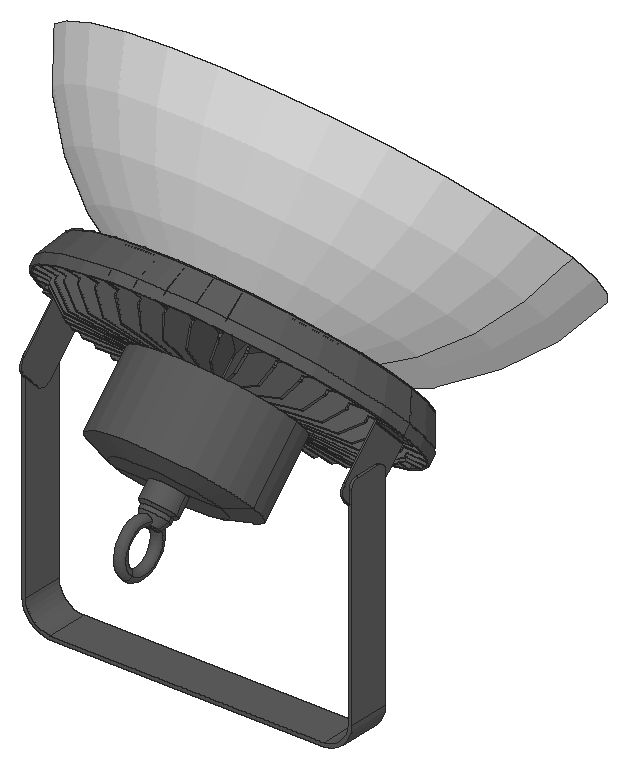
Revit family "0039363+0039354+0039356 Sylvania Lighting Fixture START HighBay IP65 DALI 19000lm 840 MB with BRACKET and ALU SHADE ALU COLOR FOR 13 19KLM", category Lighting Fixtures, host Face, Revit 2016
Family settings
  Host = Face
  Part Type = Normal
  Round Connector Dimension = Use Diameter
  OmniClass Number = 23.80.70.00
  OmniClass Title = Lighting
  Cut with Voids When Loaded = No
  Light Source = No
  Shared = No
  Room Calculation Point = No
Parameters (values of type "0039363+0039354+0039356  START HighBay IP65 DALI 19000lm 840 MB with BRACKET and ALU SHADE ALU COLOR FOR 13/19KLM")
  Weight = "3.4 kg"
  Wattage Comments = ""
  WarrantyStartDate [instance] = "n/a"
  WarrantyGuarantorParts = "n/a"
  WarrantyDurationUnit = "n/a"
  WarrantyDurationParts = "n/a"
  WarrantyDescription = "n/a"
  Voltage = 0 V
  URL = "http://www.sylvania-lighting.com"
  TypeName = "START HighBay IP65 DALI 19000lm 840 MB with BRACKET and ALU SHADE ALU COLOR FOR 13/19KLM"
  TypeHead_FEILO = Start LED Highbay DALI Head : 0039363+0039354+0039356 START HighBay IP65 DALI 19000lm 840 MB with BRACKET and ALU SHADE ALU COLOR FOR 13/19KLM
  Type Image = <None>
  Type Comments = "n/a"
  TiltAngle_FEILO [instance] = 45.00°
  ThicknessBracketPlate_FEILO = 3 mm
  SizeBracketS_FEILO = no
  SizeBracketM_FEILO = yes
  SerialNumber [instance] = "n/a"
  RadiusBracketTop_FEILO = 7 mm
  RadiusBendOut_FEILO = if(SizeBracketS_FEILO, 18 mm, if(SizeBracketM_FEILO, 24 mm, 28 mm))  # 24 mm
  RadiusBendIn_FEILO = RadiusBendOut_FEILO - ThicknessBracketPlate_FEILO  # 21 mm
  Material_3_FEILO = none
  PowerFactor = 0.95
  PowerConsumption = "150 W"
  NominalLength = 296 mm
  NominalHeight = 172 mm
  NominalDepth = 296 mm
  Name = "START HighBay IP65 DALI 19000lm 840 MB with BRACKET and ALU SHADE ALU COLOR FOR 13/19KLM"
  ModelReference = Name  # "START HighBay IP65 DALI 19000lm 840 MB with BRACKET and ALU SHADE ALU COLOR FOR 13/19KLM"
  ModelNumber = "0039363+0039354+0039356"
  Model = Name  # "START HighBay IP65 DALI 19000lm 840 MB with BRACKET and ALU SHADE ALU COLOR FOR 13/19KLM"
  Material = "aluminium alloy housing, polycarbonate diffuser"
  ManufacturerName = "Feilo Sylvania"
  Manufacturer = "Feilo Sylvania"
  LuminousEfficacy = "130 lm/W"
  LuminaireType = ""
  LightOutputRatio = "n/a"
  LampsType = Lamp  # "LED"
  LampNominalLuminous = "19500 lm"
  LampMacAdamStep = "6"
  LampColourTemperature = "4000 K"
  LampColourRenderingIndex = "80"
  Lamp = "LED"
  Keynote = "16500"
  InstallationDate [instance] = "n/a"
  InputVoltage = "n/a"
  InputNominalFrequency = "50/60 Hz"
  IngressProtection = "IP65"
  ImpactProtectionIndex = "IK08"
  IfcExportType = "IfcLightFixtureType"
  IfcExportAs = "IfcLightFixtureType"
  ExpectedLife = 50000
  EndAngle_FEILO [instance] = TiltAngle_FEILO + 180.00°  # 225.00°
  ElectricShockClassification = "Class I"
  DurationUnit = "hours"
  DocumentationLiterature = "http://www.sylvania-lighting.com/product/en-int/products/0039363"
  DimmingControlOptions = "Dimmable"
  Material_2_FEILO = none
  Description = "START Highbay, includes 1 m cables, black aluminium housing, 19,500 Lm, 150 W, 130 Lm/W, 4000 K, drive current: 3300 mA, CRI 80, 60° beam angle, DALI dimmable, IP65, IK08, 50,000 hrs (L80/B50), (D x H) 296 x 172 mm."
  Default Elevation = 1219.2 mm
  CreatedOn = "5/15/2018"
  CreatedBy = "aron.fodor@sylvania-lighting.com"
  Cost = 0
  built-in parameter 1114216 [instance] = (empty or 0)
  ClassificationValue = "EF_70_80"
  ClassificationName = "Uniclass2015"
  Material_1_FEILO = Body-Sylvania-StartHighbay-Black
  BracketHeight_FEILO = if(SizeBracketS_FEILO, 199.5 mm, if(SizeBracketM_FEILO, 209.6 mm, 201.3 mm))  # 209.6 mm
  BracketDistanceInner_FEILO = if(SizeBracketS_FEILO, 249.4 mm, if(SizeBracketM_FEILO, 273.6 mm, 313.2 mm))  # 273.6 mm
  BarCode [instance] = "n/a"
  AssetType = "Fixed"
  AssetIdentifier [instance] = "n/a"
  Assembly Code = "D5020200"
  Apparent Load = 150 VA
  Material_4_FEILO = none
Reference planes
  plane 1 "Center (Front/Back)": y = 0
  plane 2: z = 0
  plane 3 "Center (Left/Right)": x = 0
  plane 4: x = -139.8
  plane 5: x = 139.8
  plane 6: z = 209.6
  plane 7: x = -136.8
  plane 8: z = 3
  plane 9: x = 136.8
  plane 10: y = 17.5
  plane 11: y = -17.5
  plane 12: y = -19.5
  plane 13: z = 211.6
  plane 14: y = 19.5
  plane 15: z = 200.6
Forms (mm)
  Extrusion 1, solid, material "Body-Sylvania-StartHighbay-Black" <- "Material_1_FEILO"
    sketch origin (0, 0, 0) x (1, 0, 0) y (0, 0, 1)
      loop
        line (-139.8, 209.6) -> (-139.8, 24)
        arc (-139.8, 24) -> (-132.771, 7.029) -> (-115.8, 0) r 24
        line (-115.8, 0) -> (115.8, 0)
        arc (115.8, 0) -> (132.771, 7.029) -> (139.8, 24) r 24
        line (139.8, 24) -> (139.8, 209.6) -> (136.8, 209.6) -> (136.8, 24)
        arc (136.8, 24) -> (130.649, 9.151) -> (115.8, 3) r 21
        line (115.8, 3) -> (-115.8, 3)
        arc (-115.8, 3) -> (-130.649, 9.151) -> (-136.8, 24) r 21
        line (-136.8, 24) -> (-136.8, 209.6) -> (-139.8, 209.6)
    from -17.5 to 17.5
  Extrusion 2, void
    sketch origin (0, 0, 0) x (0, 1, 0) y (0, 0, 1)
      loop
        arc (10.5, 209.6) -> (15.45, 207.55) -> (17.5, 202.6) r 7
        line (17.5, 202.6) -> (19.5, 202.6) -> (19.5, 211.6) -> (-19.5, 211.6) -> (-19.5, 202.6) -> (-17.5, 202.6)
        arc (-17.5, 202.6) -> (-15.45, 207.55) -> (-10.5, 209.6) r 7
        line (-10.5, 209.6) -> (10.5, 209.6)
    from -139.8 to 139.8
  Revolve 3, solid, not visible
    sketch origin (1223.4, -4572, 200.6) x (0, -1, 0) y (1, 0, 0)
      loop
        line (-4572, -1223.4) -> (-4591.5, -1223.4) -> (-4591.5, -1277.783) -> (-4572, -1277.783) -> (-4572, -1223.4)
      axis (-4572, -1223.4) -> (-4572, -1277.783)
    angle from 45 <- "TiltAngle_FEILO" to 225 <- "EndAngle_FEILO"
Cuts and joins
  Extrusion 2 cuts Extrusion 1
Dimensions and locks
  "BracketHeight_FEILO": plane 6 to plane 2
  equal spacing: plane 11, plane 1 "Center (Front/Back)", plane 10
  locked: plane 11 to plane 10 at 35
  equal spacing: plane 9, plane 3 "Center (Left/Right)", plane 7
  "BracketDistanceInner_FEILO": plane 9 to plane 7
  "ThicknessBracketPlate_FEILO": plane 7 to plane 4
  "ThicknessBracketPlate_FEILO": plane 8 to plane 2
  equal spacing: plane 5, plane 3 "Center (Left/Right)", plane 4
  equal spacing: plane 12, plane 1 "Center (Front/Back)", plane 14
  locked: plane 6 to plane 13 at 2
  locked: plane 12 to plane 11 at 2
  locked: plane 6 to plane 15 at 9
  "RadiusBendOut_FEILO": radius of Extrusion 1 sketch curve  (x2)
  "RadiusBendIn_FEILO": radius of Extrusion 1 sketch curve  (x2)
  "RadiusBracketTop_FEILO": radius of Extrusion 2 sketch curve  (x2)
  aligned and locked: plane 2 to host face
  aligned and locked: level to host face
  aligned and locked: Extrusion 1 sketch curve to plane 4
  aligned and locked: Extrusion 1 sketch curve to level
  aligned and locked: plane 6 to Extrusion 1 sketch curve
  aligned and locked: Extrusion 1 sketch curve to plane 6
  aligned and locked: Extrusion 1 sketch curve to plane 7
  aligned and locked: plane 9 to Extrusion 1 sketch curve
  aligned and locked: plane 8 to Extrusion 1 sketch curve
  aligned and locked: Extrusion 1 to plane 10
  aligned and locked: plane 11 to Extrusion 1
  aligned and locked: Extrusion 1 to Extrusion 2 sketch curve
  aligned and locked: plane 14 to Extrusion 2 sketch curve  (x2)
  aligned and locked: Extrusion 2 sketch curve to plane 12
  aligned and locked: plane 13 to Extrusion 2 sketch curve
  aligned and locked: plane 5 to Extrusion 2
  aligned and locked: Extrusion 2 to plane 4
  aligned and locked: Revolve 3 sketch curve to plane 1 "Center (Front/Back)"
  aligned and locked: Revolve 3 sketch curve to Revolve 3 sketch curve
  aligned and locked: plane 3 "Center (Left/Right)" to Revolve 3 sketch curve
  aligned and locked: Revolve 3 sketch curve to plane 14
  aligned and locked: nested 1 to plane 3 "Center (Left/Right)"
Automatic sketch dimensions
  host sketch curve to host sketch curve = 2438.4 mm  (x2)
  Revolve 3 sketch curve to Revolve 3 sketch curve = 54.383 mm
  Revolve 3 sketch curve to plane 4 = 1396.3 mm
  plane 5 to Revolve 3 sketch curve = 1396.3 mm
  Extrusion 1 sketch curve to Extrusion 1 sketch curve = 0 mm
  Extrusion 2 sketch curve to plane 11 = 0 mm
  Extrusion 2 sketch curve to plane 10 = 0 mm
Nested families
  nested 1: "Start LED Highbay DALI Head" at (0, 0, 200.6) x (-1, 0, 0) z (0, 0.7071, 0.7071), type <- "TypeHead_FEILO", type "0039363+0039354+0039356 START HighBay IP65 DALI 19000lm 840 MB with BRACKET and ALU SHADE ALU COLOR FOR 13/19KLM"
    with built-in parameter 1114216 (empty or 0)
Connectors
  electrical at (0, 0, 0), driven by "Apparent Load", driven by "PowerFactor", driven by "Voltage"
    settings: index 1, voltage 0 V, apparent load 150 VA, apparent load phase1 0 VA, apparent load phase2 0 VA, apparent load phase3 0 VA, power factor 0.95, load classification "Lighting", number of poles 1, system type 30, power factor state 1, is connector primary yes, connector utility no, sub classification motor no, connector description ""
Definition of nested family "Start LED Highbay DALI Head"
  Parameters (values of type "0039367+0039355+0039361 START HighBay IP65 DALI 26000lm 840 WB with BRACKET and PC LAMPSHADE TRANSPARENT FOR 26KLM")
    X_FEILO = if(SizeS_FEILO, 60.3 mm, if(SizeM_FEILO, 70.4 mm, 83.5 mm))  # 83.5 mm
    WidthStraight_FEILO = if(SizeS_FEILO, 3 mm, if(SizeM_FEILO, 4 mm, 4.7 mm))  # 4.7 mm
    WidthRingChamfer_FEILO = if(SizeS_FEILO, 10.3 mm, if(SizeM_FEILO, 11.2 mm, 12.9 mm))  # 12.9 mm
    WidthCurved_FEILO = if(SizeS_FEILO, 17.4 mm, if(SizeM_FEILO, 16.4 mm, 26.2 mm))  # 26.2 mm
    WidthCurvedRing_FEILO = if(SizeS_FEILO, 3 mm, if(SizeM_FEILO, 4 mm, 4.7 mm))  # 4.7 mm
    WidthBracket_FEILO = 40 mm
    Wattage Comments = ""
    Wattage = 190 W
    built-in parameter 1150110 = 1 (stored number, unit not read)
    URL = "http://www.sylvania-lighting.com"
    Type Image = (empty or 0)
    Type Comments = "n/a"
    built-in parameter 1114217 = 1 (stored number, unit not read)
    Tilt Angle = -90.00°
    ThicknessWall_FEILO = 1.5 mm
    ThicknessBracket_FEILO = 1.5 mm
    ThicknessBracketHalf_FEILO = ThicknessBracket_FEILO / 2  # 0.75 mm
    built-in parameter 1150109 = 1 (stored number, unit not read)
    built-in parameter 1150134 = 1
    built-in parameter 1150113 = 1 (stored number, unit not read)
    SizeS_FEILO = no
    SizeM_FEILO = no
    ShadeThickness_FEILO = 3 mm
    ShadeSizeSM_FEILO = or(SizeS_FEILO, SizeM_FEILO)  # no
    ShadeRadiusOut_FEILO = 205 mm
    ShadeRadiusIn_FEILO = if(ShadeSizeSM_FEILO, 95 mm, 121 mm)  # 121 mm
    ShadeRadiusBend_FEILO = if(ShadeSizeSM_FEILO, 210 mm, 210 mm)  # 210 mm
    ShadeOn_FEILO = yes
    ShadeHeight_FEILO = if(ShadeSizeSM_FEILO, 120 mm, 151 mm)  # 151 mm
    Rib4_FEILO = if(SizeS_FEILO, 18.1 mm, if(SizeM_FEILO, 13.6 mm, 14.6 mm))  # 14.6 mm
    Rib3_FEILO = if(SizeS_FEILO, 15.3 mm, if(SizeM_FEILO, 17.6 mm, 20.2 mm))  # 20.2 mm
    Rib2_FEILO = if(SizeS_FEILO, 3.6 mm, if(SizeM_FEILO, 3.9 mm, 4.5 mm))  # 4.5 mm
    Rib1_FEILO = if(SizeS_FEILO, 15.1 mm, if(SizeM_FEILO, 16.5 mm, 19 mm))  # 19 mm
    RadiusDiffuser_FEILO = if(SizeS_FEILO, 95.2 mm, if(SizeM_FEILO, 105.3 mm, 120 mm))  # 120 mm
    RadiusArrayPost_FEILO = DriverRadius_FEILO - 6 mm  # 70.4 mm
    RHRadius3_FEILO = if(SizeS_FEILO, 6.6 mm, if(SizeM_FEILO, 7.4 mm, 8.6 mm))  # 8.6 mm
    RHRadius2_FEILO = if(SizeS_FEILO, 11 mm, if(SizeM_FEILO, 12 mm, 14 mm))  # 14 mm
    RHRadius1_FEILO = if(SizeS_FEILO, 13.6 mm, if(SizeM_FEILO, 14.9 mm, 17.7 mm))  # 17.7 mm
    RHHeight4_FEILO = if(SizeS_FEILO, 7.3 mm, if(SizeM_FEILO, 8 mm, 9.2 mm))  # 9.2 mm
    RHHeight3_FEILO = if(SizeS_FEILO, 3.6 mm, if(SizeM_FEILO, 3.7 mm, 4.6 mm))  # 4.6 mm
    RHHeight2_FEILO = if(SizeS_FEILO, 2 mm, if(SizeM_FEILO, 2.2 mm, 2.6 mm))  # 2.6 mm
    RHHeight1_FEILO = if(SizeS_FEILO, 11.8 mm, if(SizeM_FEILO, 15.3 mm, 17.4 mm))  # 17.4 mm
    Photometric Web File = "0039367+0039361.ies"
    Material_5_FEILO = none
    Material_3_FEILO = none
    Model = "START HighBay IP65 DALI 26000lm 840 WB with BRACKET and PC LAMPSHADE TRANSPARENT FOR 26KLM"
    Manufacturer = "Feilo Sylvania"
    built-in parameter 1150105 = 33385.3 (stored number, unit not read)
    Lumens = 24700 lm
    built-in parameter 1150115 = 1 (stored number, unit not read)
    built-in parameter 1150137 = (empty or 0)
    built-in parameter 1150139 = (empty or 0)
    built-in parameter 1150112 = 1 (stored number, unit not read)
    built-in parameter 1150114 = 1 (stored number, unit not read)
    Lamp = "LED"
    Keynote = "16500"
    built-in parameter 1150132 = (empty or 0)
    built-in parameter 1150102 = (empty or 0)
    built-in parameter 1150107 = 6500 (stored number, unit not read)
    built-in parameter 1150138 = (empty or 0)
    built-in parameter 1150106 = 333.85 (stored number, unit not read)
    HeightRing_FEILO = if(SizeS_FEILO, 19.8 mm, if(SizeM_FEILO, 32 mm, 36.8 mm))  # 36.8 mm
    HeightRingChamfer_FEILO = if(SizeS_FEILO, 11.7 mm, if(SizeM_FEILO, 23.2 mm, 26.6 mm))  # 26.6 mm
    EyeThickness_FEILO = if(SizeS_FEILO, 8.4 mm, if(SizeM_FEILO, 9.2 mm, 10.5 mm))  # 10.5 mm
    EyeThicknessHalf_FEILO = EyeThickness_FEILO / 2  # 5.25 mm
    EyeInner_FEILO = if(SizeS_FEILO, 13.8 mm, if(SizeM_FEILO, 15.1 mm, 17.3 mm))  # 17.3 mm
    Emit from Circle Diameter = RadiusDiffuser_FEILO * 2  # 240 mm
    Emit Shape Visible in Rendering = no
    built-in parameter 1150104 = 12.077 (stored number, unit not read)
    DriverVerticalStraight_FEILO = if(SizeS_FEILO, 46.5 mm, if(SizeM_FEILO, 49.7 mm, 57 mm))  # 57 mm
    DriverVerticalChamfer_FEILO = if(SizeS_FEILO, 7.5 mm, if(SizeM_FEILO, 8.2 mm, 9.5 mm))  # 9.5 mm
    DriverRadius_FEILO = if(SizeS_FEILO, 61.4 mm, if(SizeM_FEILO, 67.2 mm, 76.4 mm))  # 76.4 mm
    DriverRadiusTop_FEILO = if(SizeS_FEILO, 42 mm, if(SizeM_FEILO, 45.3 mm, 52.4 mm))  # 52.4 mm
    DriverBottom_FEILO = if(SizeS_FEILO, 56 mm, if(SizeM_FEILO, 64.5 mm, 74 mm))  # 74 mm
    Material_2_FEILO = none
    Radius_FEILO = if(SizeS_FEILO, 135 mm, if(SizeM_FEILO, 148 mm, 169.5 mm))  # 169.5 mm
    Dimming Lamp Color Temperature Shift = (empty or 0)
    DiameterWire_FEILO = 3 mm
    DiameterWireSupport_FEILO = 10 mm
    Description = "START Highbay, includes 1 m cables, black aluminium housing, 24,700 Lm, 190 W, 130 Lm/W, 6500 K, drive current: 4100 mA, CRI 80, 90° beam angle, DALI dimmable, IP65, IK08, 50,000 hrs (L80/B50), (D x H) 339 x 189 mm."
    Default Elevation = 1219.2 mm
    Cost = 0
    Color Filter = 16777215
    built-in parameter 1114216 [instance] = (empty or 0)
    Material_1_FEILO = none
    built-in parameter 1114218 = 1 (stored number, unit not read)
    built-in parameter 1150133 = 10 (stored number, unit not read)
    Assembly Code = "D5020200"
    Apparent Load = 190 VA
    Material_4_FEILO = none
  Types (24, lengths in mm): name | X_FEILO | WidthStraight_FEILO | WidthRingChamfer_FEILO | WidthCurved_FEILO | WidthCurvedRing_FEILO | Wattage | built-in parameter 1150134 | SizeS_FEILO | SizeM_FEILO | ShadeSizeSM_FEILO | ShadeRadiusIn_FEILO | ShadeOn_FEILO | ShadeHeight_FEILO | Rib4_FEILO | Rib3_FEILO | Rib2_FEILO | Rib1_FEILO | RadiusDiffuser_FEILO | RadiusArrayPost_FEILO | RHRadius3_FEILO | RHRadius2_FEILO | RHRadius1_FEILO | RHHeight4_FEILO | RHHeight3_FEILO | RHHeight2_FEILO | RHHeight1_FEILO | Photometric Web File | Model | built-in parameter 1150105 | Lumens | built-in parameter 1150107 | built-in parameter 1150106 | HeightRing_FEILO | HeightRingChamfer_FEILO | EyeThickness_FEILO | EyeThicknessHalf_FEILO | EyeInner_FEILO | Emit from Circle Diameter | DriverVerticalStraight_FEILO | DriverVerticalChamfer_FEILO | DriverRadius_FEILO | DriverRadiusTop_FEILO | DriverBottom_FEILO | Radius_FEILO | Description | Apparent Load
    0039367+0039355+0039361 START HighBay IP65 DALI 26000lm 840 WB with BRACKET and PC LAMPSHADE TRANSPARENT FOR 26KLM | 83.5 | 4.7 | 12.9 | 26.2 | 4.7 | 190 W | 1 | no | no | no | 121 | yes | 151 | 14.6 | 20.2 | 4.5 | 19 | 120 | 70.4 | 8.6 | 14 | 17.7 | 9.2 | 4.6 | 2.6 | 17.4 | "0039367+0039361.ies" | "START HighBay IP65 DALI 26000lm 840 WB with BRACKET and PC LAMPSHADE TRANSPARENT FOR 26KLM" | 33385.3 (stored number, unit not read) | 24700 lm | 6500 (stored number, unit not read) | 333.85 (stored number, unit not read) | 36.8 | 26.6 | 10.5 | 5.25 | 17.3 | 240 | 57 | 9.5 | 76.4 | 52.4 | 74 | 169.5 | "START Highbay, includes 1 m cables, black aluminium housing, 24,700 Lm, 190 W, 130 Lm/W, 6500 K, drive current: 4100 mA, CRI 80, 90° beam angle, DALI dimmable, IP65, IK08, 50,000 hrs (L80/B50), (D x H) 339 x 189 mm." | 190 VA
    0039367+0039355+0039360 START HighBay IP65 DALI 26000lm 840 WB with BRACKET and ALU SHADE BLACK COLOR FOR 26KLM | 83.5 | 4.7 | 12.9 | 26.2 | 4.7 | 190 W | 1 | no | no | no | 121 | yes | 151 | 14.6 | 20.2 | 4.5 | 19 | 120 | 70.4 | 8.6 | 14 | 17.7 | 9.2 | 4.6 | 2.6 | 17.4 | "0039367+0039360.ies" | "START HighBay IP65 DALI 26000lm 840 WB with BRACKET and ALU SHADE BLACK COLOR FOR 26KLM" | 33569.2 (stored number, unit not read) | 24700 lm | 6500 (stored number, unit not read) | 335.69 (stored number, unit not read) | 36.8 | 26.6 | 10.5 | 5.25 | 17.3 | 240 | 57 | 9.5 | 76.4 | 52.4 | 74 | 169.5 | "START Highbay, includes 1 m cables, black aluminium housing, 24,700 Lm, 190 W, 130 Lm/W, 6500 K, drive current: 4100 mA, CRI 80, 90° beam angle, DALI dimmable, IP65, IK08, 50,000 hrs (L80/B50), (D x H) 339 x 189 mm." | 190 VA
    0039367+0039355+0039359 START HighBay IP65 DALI 26000lm 840 WB with BRACKET and ALU SHADE ALU COLOR FOR 26KLM | 83.5 | 4.7 | 12.9 | 26.2 | 4.7 | 190 W | 1 | no | no | no | 121 | yes | 151 | 14.6 | 20.2 | 4.5 | 19 | 120 | 70.4 | 8.6 | 14 | 17.7 | 9.2 | 4.6 | 2.6 | 17.4 | "0039367+0039359.ies" | "START HighBay IP65 DALI 26000lm 840 WB with BRACKET and ALU SHADE ALU COLOR FOR 26KLM" | 33569.2 (stored number, unit not read) | 24700 lm | 6500 (stored number, unit not read) | 335.69 (stored number, unit not read) | 36.8 | 26.6 | 10.5 | 5.25 | 17.3 | 240 | 57 | 9.5 | 76.4 | 52.4 | 74 | 169.5 | "START Highbay, includes 1 m cables, black aluminium housing, 24,700 Lm, 190 W, 130 Lm/W, 6500 K, drive current: 4100 mA, CRI 80, 90° beam angle, DALI dimmable, IP65, IK08, 50,000 hrs (L80/B50), (D x H) 339 x 189 mm." | 190 VA
    0039367+0039355 START HighBay IP65 DALI 26000lm 840 WB with BRACKET | 83.5 | 4.7 | 12.9 | 26.2 | 4.7 | 190 W | 1 | no | no | no | 121 | no | 151 | 14.6 | 20.2 | 4.5 | 19 | 120 | 70.4 | 8.6 | 14 | 17.7 | 9.2 | 4.6 | 2.6 | 17.4 | "0039367.ies" | "START HighBay IP65 DALI 26000lm 840 WB with BRACKET" | 13532 (stored number, unit not read) | 24700 lm | 6500 (stored number, unit not read) | 135.32 (stored number, unit not read) | 36.8 | 26.6 | 10.5 | 5.25 | 17.3 | 240 | 57 | 9.5 | 76.4 | 52.4 | 74 | 169.5 | "START Highbay, includes 1 m cables, black aluminium housing, 24,700 Lm, 190 W, 130 Lm/W, 6500 K, drive current: 4100 mA, CRI 80, 90° beam angle, DALI dimmable, IP65, IK08, 50,000 hrs (L80/B50), (D x H) 339 x 189 mm." | 190 VA
    0039366+0039354+0039358 START HighBay IP65 DALI 19000lm 840 WB with BRACKET and PC LAMPSHADE TRANSPARENT 13/19KLM | 70.4 | 4 | 11.2 | 16.4 | 4 | 150 W | 1 | no | yes | yes | 95 | yes | 120 | 13.6 | 17.6 | 3.9 | 16.5 | 105.3 | 61.2 | 7.4 | 12 | 14.9 | 8 | 3.7 | 2.2 | 15.3 | "0039366+0039358.ies" | "START HighBay IP65 DALI 19000lm 840 WB with BRACKET and PC LAMPSHADE TRANSPARENT 13/19KLM" | 26356.9 (stored number, unit not read) | 19500 lm | 6500 (stored number, unit not read) | 263.57 (stored number, unit not read) | 32 | 23.2 | 9.2 | 4.6 | 15.1 | 210.6 | 49.7 | 8.2 | 67.2 | 45.3 | 64.5 | 148 | "START Highbay, includes 1 m cables, black aluminium housing, 19,500 Lm, 150 W, 130 Lm/W, 6500 K, drive current: 3300 mA, CRI 80, 90° beam angle, DALI dimmable, IP65, IK08, 50,000 hrs (L80/B50), (D x H) 296 x 172 mm." | 150 VA
    0039366+0039354+0039357 START HighBay IP65 DALI 19000lm 840 WB with BRACKET and ALU SHADE BLACK COLOR FOR 13/19KLM | 70.4 | 4 | 11.2 | 16.4 | 4 | 150 W | 1 | no | yes | yes | 95 | yes | 120 | 13.6 | 17.6 | 3.9 | 16.5 | 105.3 | 61.2 | 7.4 | 12 | 14.9 | 8 | 3.7 | 2.2 | 15.3 | "0039366+0039357.ies" | "START HighBay IP65 DALI 19000lm 840 WB with BRACKET and ALU SHADE BLACK COLOR FOR 13/19KLM" | 26502 (stored number, unit not read) | 19500 lm | 6500 (stored number, unit not read) | 265.02 (stored number, unit not read) | 32 | 23.2 | 9.2 | 4.6 | 15.1 | 210.6 | 49.7 | 8.2 | 67.2 | 45.3 | 64.5 | 148 | "START Highbay, includes 1 m cables, black aluminium housing, 19,500 Lm, 150 W, 130 Lm/W, 6500 K, drive current: 3300 mA, CRI 80, 90° beam angle, DALI dimmable, IP65, IK08, 50,000 hrs (L80/B50), (D x H) 296 x 172 mm." | 150 VA
    0039366+0039354+0039356 START HighBay IP65 DALI 19000lm 840 WB with BRACKET and ALU SHADE ALU COLOR FOR 13/19KLM | 70.4 | 4 | 11.2 | 16.4 | 4 | 150 W | 1 | no | yes | yes | 95 | yes | 120 | 13.6 | 17.6 | 3.9 | 16.5 | 105.3 | 61.2 | 7.4 | 12 | 14.9 | 8 | 3.7 | 2.2 | 15.3 | "0039366+0039356.ies" | "START HighBay IP65 DALI 19000lm 840 WB with BRACKET and ALU SHADE ALU COLOR FOR 13/19KLM" | 26502 (stored number, unit not read) | 19500 lm | 6500 (stored number, unit not read) | 265.02 (stored number, unit not read) | 32 | 23.2 | 9.2 | 4.6 | 15.1 | 210.6 | 49.7 | 8.2 | 67.2 | 45.3 | 64.5 | 148 | "START Highbay, includes 1 m cables, black aluminium housing, 19,500 Lm, 150 W, 130 Lm/W, 6500 K, drive current: 3300 mA, CRI 80, 90° beam angle, DALI dimmable, IP65, IK08, 50,000 hrs (L80/B50), (D x H) 296 x 172 mm." | 150 VA
    0039366+0039354 START HighBay IP65 DALI 19000lm 840 WB with BRACKET | 70.4 | 4 | 11.2 | 16.4 | 4 | 150 W | 1 | no | yes | yes | 95 | no | 120 | 13.6 | 17.6 | 3.9 | 16.5 | 105.3 | 61.2 | 7.4 | 12 | 14.9 | 8 | 3.7 | 2.2 | 15.3 | "0039366.ies" | "START HighBay IP65 DALI 19000lm 840 WB with BRACKET" | 10981.5 (stored number, unit not read) | 19500 lm | 6500 (stored number, unit not read) | 109.82 (stored number, unit not read) | 32 | 23.2 | 9.2 | 4.6 | 15.1 | 210.6 | 49.7 | 8.2 | 67.2 | 45.3 | 64.5 | 148 | "START Highbay, includes 1 m cables, black aluminium housing, 19,500 Lm, 150 W, 130 Lm/W, 6500 K, drive current: 3300 mA, CRI 80, 90° beam angle, DALI dimmable, IP65, IK08, 50,000 hrs (L80/B50), (D x H) 296 x 172 mm." | 150 VA
    0039365+0039353+0039358 START HighBay IP65 DALI 13000lm 840 WB with BRACKET and PC LAMPSHADE TRANSPARENT 13/19KLM | 60.3 | 3 | 10.3 | 17.4 | 3 | 90 W | 1 | yes | no | yes | 95 | yes | 120 | 18.1 | 15.3 | 3.6 | 15.1 | 95.2 | 55.4 | 6.6 | 11 | 13.6 | 7.3 | 3.6 | 2 | 11.8 | "0039365+0039358.ies" | "START HighBay IP65 DALI 13000lm 840 WB with BRACKET and PC LAMPSHADE TRANSPARENT 13/19KLM" | 15814.1 (stored number, unit not read) | 11700 lm | 6500 (stored number, unit not read) | 158.14 (stored number, unit not read) | 19.8 | 11.7 | 8.4 | 4.2 | 13.8 | 190.4 | 46.5 | 7.5 | 61.4 | 42 | 56 | 135 | "START Highbay, includes 1 m cables, black aluminium housing, 11,700 Lm, 90 W, 130 Lm/W, 6500 K, drive current: 2000 mA, CRI 80, 90° beam angle, DALI dimmable, IP65, IK08, 50,000 hrs (L80/B50), (D x H) 270 x 175 mm." | 90 VA
    0039365+0039353+0039357 START HighBay IP65 DALI 13000lm 840 WB with BRACKET and ALU SHADE BLACK COLOR FOR 13/19KLM | 60.3 | 3 | 10.3 | 17.4 | 3 | 90 W | 1 | yes | no | yes | 95 | yes | 120 | 18.1 | 15.3 | 3.6 | 15.1 | 95.2 | 55.4 | 6.6 | 11 | 13.6 | 7.3 | 3.6 | 2 | 11.8 | "0039365+0039357.ies" | "START HighBay IP65 DALI 13000lm 840 WB with BRACKET and ALU SHADE BLACK COLOR FOR 13/19KLM" | 15901.2 (stored number, unit not read) | 11700 lm | 6500 (stored number, unit not read) | 159.01 (stored number, unit not read) | 19.8 | 11.7 | 8.4 | 4.2 | 13.8 | 190.4 | 46.5 | 7.5 | 61.4 | 42 | 56 | 135 | "START Highbay, includes 1 m cables, black aluminium housing, 11,700 Lm, 90 W, 130 Lm/W, 6500 K, drive current: 2000 mA, CRI 80, 90° beam angle, DALI dimmable, IP65, IK08, 50,000 hrs (L80/B50), (D x H) 270 x 175 mm." | 90 VA
    0039365+0039353+0039356 START HighBay IP65 DALI 13000lm 840 WB with BRACKET and ALU SHADE ALU COLOR FOR 13/19KLM | 60.3 | 3 | 10.3 | 17.4 | 3 | 90 W | 1 | yes | no | yes | 95 | yes | 120 | 18.1 | 15.3 | 3.6 | 15.1 | 95.2 | 55.4 | 6.6 | 11 | 13.6 | 7.3 | 3.6 | 2 | 11.8 | "0039365+0039356.ies" | "START HighBay IP65 DALI 13000lm 840 WB with BRACKET and ALU SHADE ALU COLOR FOR 13/19KLM" | 15901.2 (stored number, unit not read) | 11700 lm | 6500 (stored number, unit not read) | 159.01 (stored number, unit not read) | 19.8 | 11.7 | 8.4 | 4.2 | 13.8 | 190.4 | 46.5 | 7.5 | 61.4 | 42 | 56 | 135 | "START Highbay, includes 1 m cables, black aluminium housing, 11,700 Lm, 90 W, 130 Lm/W, 6500 K, drive current: 2000 mA, CRI 80, 90° beam angle, DALI dimmable, IP65, IK08, 50,000 hrs (L80/B50), (D x H) 270 x 175 mm." | 90 VA
    0039365+0039353 START HighBay IP65 DALI 13000lm 840 WB with BRACKET | 60.3 | 3 | 10.3 | 17.4 | 3 | 90 W | 1 | yes | no | yes | 95 | no | 120 | 18.1 | 15.3 | 3.6 | 15.1 | 95.2 | 55.4 | 6.6 | 11 | 13.6 | 7.3 | 3.6 | 2 | 11.8 | "0039365.ies" | "START HighBay IP65 DALI 13000lm 840 WB with BRACKET" | 6365.5 (stored number, unit not read) | 11700 lm | 6500 (stored number, unit not read) | 63.655 (stored number, unit not read) | 19.8 | 11.7 | 8.4 | 4.2 | 13.8 | 190.4 | 46.5 | 7.5 | 61.4 | 42 | 56 | 135 | "START Highbay, includes 1 m cables, black aluminium housing, 11,700 Lm, 90 W, 130 Lm/W, 6500 K, drive current: 2000 mA, CRI 80, 90° beam angle, DALI dimmable, IP65, IK08, 50,000 hrs (L80/B50), (D x H) 270 x 175 mm." | 90 VA
    0039364+0039355+0039361 START HighBay IP65 DALI 26000lm 840 MB with BRACKET and PC LAMPSHADE TRANSPARENT FOR 26KLM | 83.5 | 4.7 | 12.9 | 26.2 | 4.7 | 190 W | 12 | no | no | no | 121 | yes | 151 | 14.6 | 20.2 | 4.5 | 19 | 120 | 70.4 | 8.6 | 14 | 17.7 | 9.2 | 4.6 | 2.6 | 17.4 | "0039364+0039361.ies" | "START HighBay IP65 DALI 26000lm 840 MB with BRACKET and PC LAMPSHADE TRANSPARENT FOR 26KLM" | 33385.3 (stored number, unit not read) | 24700 lm | 4000 (stored number, unit not read) | 333.85 (stored number, unit not read) | 36.8 | 26.6 | 10.5 | 5.25 | 17.3 | 240 | 57 | 9.5 | 76.4 | 52.4 | 74 | 169.5 | "START Highbay, includes 1 m cables, black aluminium housing, 24,700 Lm, 190 W, 130 Lm/W, 4000 K, drive current: 4100 mA, CRI 80, 60° beam angle, DALI dimmable, IP65, IK08, 50,000 hrs (L80/B50), (D x H) 339 x 189 mm." | 190 VA
    0039364+0039355+0039360 START HighBay IP65 DALI 26000lm 840 MB with BRACKET and ALU SHADE BLACK COLOR FOR 26KLM | 83.5 | 4.7 | 12.9 | 26.2 | 4.7 | 190 W | 12 | no | no | no | 121 | yes | 151 | 14.6 | 20.2 | 4.5 | 19 | 120 | 70.4 | 8.6 | 14 | 17.7 | 9.2 | 4.6 | 2.6 | 17.4 | "0039364+0039360.ies" | "START HighBay IP65 DALI 26000lm 840 MB with BRACKET and ALU SHADE BLACK COLOR FOR 26KLM" | 33569.2 (stored number, unit not read) | 24700 lm | 4000 (stored number, unit not read) | 335.69 (stored number, unit not read) | 36.8 | 26.6 | 10.5 | 5.25 | 17.3 | 240 | 57 | 9.5 | 76.4 | 52.4 | 74 | 169.5 | "START Highbay, includes 1 m cables, black aluminium housing, 24,700 Lm, 190 W, 130 Lm/W, 4000 K, drive current: 4100 mA, CRI 80, 60° beam angle, DALI dimmable, IP65, IK08, 50,000 hrs (L80/B50), (D x H) 339 x 189 mm." | 190 VA
    0039364+0039355+0039359 START HighBay IP65 DALI 26000lm 840 MB with BRACKET and ALU SHADE ALU COLOR FOR 26KLM | 83.5 | 4.7 | 12.9 | 26.2 | 4.7 | 190 W | 12 | no | no | no | 121 | yes | 151 | 14.6 | 20.2 | 4.5 | 19 | 120 | 70.4 | 8.6 | 14 | 17.7 | 9.2 | 4.6 | 2.6 | 17.4 | "0039364+0039359.ies" | "START HighBay IP65 DALI 26000lm 840 MB with BRACKET and ALU SHADE ALU COLOR FOR 26KLM" | 33569.2 (stored number, unit not read) | 24700 lm | 4000 (stored number, unit not read) | 335.69 (stored number, unit not read) | 36.8 | 26.6 | 10.5 | 5.25 | 17.3 | 240 | 57 | 9.5 | 76.4 | 52.4 | 74 | 169.5 | "START Highbay, includes 1 m cables, black aluminium housing, 24,700 Lm, 190 W, 130 Lm/W, 4000 K, drive current: 4100 mA, CRI 80, 60° beam angle, DALI dimmable, IP65, IK08, 50,000 hrs (L80/B50), (D x H) 339 x 189 mm." | 190 VA
    0039364+0039355 START HighBay IP65 DALI 26000lm 840 MB with BRACKET | 83.5 | 4.7 | 12.9 | 26.2 | 4.7 | 190 W | 12 | no | no | no | 121 | no | 151 | 14.6 | 20.2 | 4.5 | 19 | 120 | 70.4 | 8.6 | 14 | 17.7 | 9.2 | 4.6 | 2.6 | 17.4 | "0039364.ies" | "START HighBay IP65 DALI 26000lm 840 MB with BRACKET" | 26901.8 (stored number, unit not read) | 24700 lm | 4000 (stored number, unit not read) | 269.02 (stored number, unit not read) | 36.8 | 26.6 | 10.5 | 5.25 | 17.3 | 240 | 57 | 9.5 | 76.4 | 52.4 | 74 | 169.5 | "START Highbay, includes 1 m cables, black aluminium housing, 24,700 Lm, 190 W, 130 Lm/W, 4000 K, drive current: 4100 mA, CRI 80, 60° beam angle, DALI dimmable, IP65, IK08, 50,000 hrs (L80/B50), (D x H) 339 x 189 mm." | 190 VA
    0039363+0039354+0039358 START HighBay IP65 DALI 19000lm 840 MB with BRACKET and PC LAMPSHADE TRANSPARENT 13/19KLM | 70.4 | 4 | 11.2 | 16.4 | 4 | 150 W | 12 | no | yes | yes | 95 | yes | 120 | 13.6 | 17.6 | 3.9 | 16.5 | 105.3 | 61.2 | 7.4 | 12 | 14.9 | 8 | 3.7 | 2.2 | 15.3 | "0039363+0039358.ies" | "START HighBay IP65 DALI 19000lm 840 MB with BRACKET and PC LAMPSHADE TRANSPARENT 13/19KLM" | 26356.9 (stored number, unit not read) | 19500 lm | 4000 (stored number, unit not read) | 263.57 (stored number, unit not read) | 32 | 23.2 | 9.2 | 4.6 | 15.1 | 210.6 | 49.7 | 8.2 | 67.2 | 45.3 | 64.5 | 148 | "START Highbay, includes 1 m cables, black aluminium housing, 19,500 Lm, 150 W, 130 Lm/W, 4000 K, drive current: 3300 mA, CRI 80, 60° beam angle, DALI dimmable, IP65, IK08, 50,000 hrs (L80/B50), (D x H) 296 x 172 mm." | 150 VA
    0039363+0039354+0039357 START HighBay IP65 DALI 19000lm 840 MB with BRACKET and ALU SHADE BLACK COLOR FOR 13/19KLM | 70.4 | 4 | 11.2 | 16.4 | 4 | 150 W | 12 | no | yes | yes | 95 | yes | 120 | 13.6 | 17.6 | 3.9 | 16.5 | 105.3 | 61.2 | 7.4 | 12 | 14.9 | 8 | 3.7 | 2.2 | 15.3 | "0039363+0039357.ies" | "START HighBay IP65 DALI 19000lm 840 MB with BRACKET and ALU SHADE BLACK COLOR FOR 13/19KLM" | 26502 (stored number, unit not read) | 19500 lm | 4000 (stored number, unit not read) | 265.02 (stored number, unit not read) | 32 | 23.2 | 9.2 | 4.6 | 15.1 | 210.6 | 49.7 | 8.2 | 67.2 | 45.3 | 64.5 | 148 | "START Highbay, includes 1 m cables, black aluminium housing, 19,500 Lm, 150 W, 130 Lm/W, 4000 K, drive current: 3300 mA, CRI 80, 60° beam angle, DALI dimmable, IP65, IK08, 50,000 hrs (L80/B50), (D x H) 296 x 172 mm." | 150 VA
    0039363+0039354+0039356 START HighBay IP65 DALI 19000lm 840 MB with BRACKET and ALU SHADE ALU COLOR FOR 13/19KLM | 70.4 | 4 | 11.2 | 16.4 | 4 | 150 W | 12 | no | yes | yes | 95 | yes | 120 | 13.6 | 17.6 | 3.9 | 16.5 | 105.3 | 61.2 | 7.4 | 12 | 14.9 | 8 | 3.7 | 2.2 | 15.3 | "0039363+0039356.ies" | "START HighBay IP65 DALI 19000lm 840 MB with BRACKET and ALU SHADE ALU COLOR FOR 13/19KLM" | 26502 (stored number, unit not read) | 19500 lm | 4000 (stored number, unit not read) | 265.02 (stored number, unit not read) | 32 | 23.2 | 9.2 | 4.6 | 15.1 | 210.6 | 49.7 | 8.2 | 67.2 | 45.3 | 64.5 | 148 | "START Highbay, includes 1 m cables, black aluminium housing, 19,500 Lm, 150 W, 130 Lm/W, 4000 K, drive current: 3300 mA, CRI 80, 60° beam angle, DALI dimmable, IP65, IK08, 50,000 hrs (L80/B50), (D x H) 296 x 172 mm." | 150 VA
    0039363+0039354 START HighBay IP65 DALI 19000lm 840 MB with BRACKET | 70.4 | 4 | 11.2 | 16.4 | 4 | 150 W | 12 | no | yes | yes | 95 | no | 120 | 13.6 | 17.6 | 3.9 | 16.5 | 105.3 | 61.2 | 7.4 | 12 | 14.9 | 8 | 3.7 | 2.2 | 15.3 | "0039363.ies" | "START HighBay IP65 DALI 19000lm 840 MB with BRACKET" | 22125.4 (stored number, unit not read) | 19500 lm | 4000 (stored number, unit not read) | 221.25 (stored number, unit not read) | 32 | 23.2 | 9.2 | 4.6 | 15.1 | 210.6 | 49.7 | 8.2 | 67.2 | 45.3 | 64.5 | 148 | "START Highbay, includes 1 m cables, black aluminium housing, 19,500 Lm, 150 W, 130 Lm/W, 4000 K, drive current: 3300 mA, CRI 80, 60° beam angle, DALI dimmable, IP65, IK08, 50,000 hrs (L80/B50), (D x H) 296 x 172 mm." | 150 VA
    0039362+0039353+0039358 START HighBay IP65 DALI 13000lm 840 MB with BRACKET and PC LAMPSHADE TRANSPARENT 13/19KLM | 60.3 | 3 | 10.3 | 17.4 | 3 | 90 W | 12 | yes | no | yes | 95 | yes | 120 | 18.1 | 15.3 | 3.6 | 15.1 | 95.2 | 55.4 | 6.6 | 11 | 13.6 | 7.3 | 3.6 | 2 | 11.8 | "0039362+0039358.ies" | "START HighBay IP65 DALI 13000lm 840 MB with BRACKET and PC LAMPSHADE TRANSPARENT 13/19KLM" | 15814.1 (stored number, unit not read) | 11700 lm | 4000 (stored number, unit not read) | 158.14 (stored number, unit not read) | 19.8 | 11.7 | 8.4 | 4.2 | 13.8 | 190.4 | 46.5 | 7.5 | 61.4 | 42 | 56 | 135 | "START Highbay, includes 1 m cables, black aluminium housing, 11,700 Lm, 90 W, 130 Lm/W, 4000 K, drive current: 2000 mA, CRI 80, 60° beam angle, DALI dimmable, IP65, IK08, 50,000 hrs (L80/B50), (D x H) 270 x 175 mm." | 90 VA
    0039362+0039353+0039357 START HighBay IP65 DALI 13000lm 840 MB with BRACKET and ALU SHADE BLACK COLOR FOR 13/19KLM | 60.3 | 3 | 10.3 | 17.4 | 3 | 90 W | 12 | yes | no | yes | 95 | yes | 120 | 18.1 | 15.3 | 3.6 | 15.1 | 95.2 | 55.4 | 6.6 | 11 | 13.6 | 7.3 | 3.6 | 2 | 11.8 | "0039362+0039357.ies" | "START HighBay IP65 DALI 13000lm 840 MB with BRACKET and ALU SHADE BLACK COLOR FOR 13/19KLM" | 15901.2 (stored number, unit not read) | 11700 lm | 4000 (stored number, unit not read) | 159.01 (stored number, unit not read) | 19.8 | 11.7 | 8.4 | 4.2 | 13.8 | 190.4 | 46.5 | 7.5 | 61.4 | 42 | 56 | 135 | "START Highbay, includes 1 m cables, black aluminium housing, 11,700 Lm, 90 W, 130 Lm/W, 4000 K, drive current: 2000 mA, CRI 80, 60° beam angle, DALI dimmable, IP65, IK08, 50,000 hrs (L80/B50), (D x H) 270 x 175 mm." | 90 VA
    0039362+0039353+0039356 START HighBay IP65 DALI 13000lm 840 MB with BRACKET and ALU SHADE ALU COLOR FOR 13/19KLM | 60.3 | 3 | 10.3 | 17.4 | 3 | 90 W | 12 | yes | no | yes | 95 | yes | 120 | 18.1 | 15.3 | 3.6 | 15.1 | 95.2 | 55.4 | 6.6 | 11 | 13.6 | 7.3 | 3.6 | 2 | 11.8 | "0039362+0039356.ies" | "START HighBay IP65 DALI 13000lm 840 MB with BRACKET and ALU SHADE ALU COLOR FOR 13/19KLM" | 15901.2 (stored number, unit not read) | 11700 lm | 4000 (stored number, unit not read) | 159.01 (stored number, unit not read) | 19.8 | 11.7 | 8.4 | 4.2 | 13.8 | 190.4 | 46.5 | 7.5 | 61.4 | 42 | 56 | 135 | "START Highbay, includes 1 m cables, black aluminium housing, 11,700 Lm, 90 W, 130 Lm/W, 4000 K, drive current: 2000 mA, CRI 80, 60° beam angle, DALI dimmable, IP65, IK08, 50,000 hrs (L80/B50), (D x H) 270 x 175 mm." | 90 VA
    0039362+0039353 START HighBay IP65 DALI 13000lm 840 MB with BRACKET | 60.3 | 3 | 10.3 | 17.4 | 3 | 90 W | 12 | yes | no | yes | 95 | no | 120 | 18.1 | 15.3 | 3.6 | 15.1 | 95.2 | 55.4 | 6.6 | 11 | 13.6 | 7.3 | 3.6 | 2 | 11.8 | "0039362.ies" | "START HighBay IP65 DALI 13000lm 840 MB with BRACKET" | 13336.9 (stored number, unit not read) | 11700 lm | 4000 (stored number, unit not read) | 133.37 (stored number, unit not read) | 19.8 | 11.7 | 8.4 | 4.2 | 13.8 | 190.4 | 46.5 | 7.5 | 61.4 | 42 | 56 | 135 | "START Highbay, includes 1 m cables, black aluminium housing, 11,700 Lm, 90 W, 130 Lm/W, 4000 K, drive current: 2000 mA, CRI 80, 60° beam angle, DALI dimmable, IP65, IK08, 50,000 hrs (L80/B50), (D x H) 270 x 175 mm." | 90 VA
  Reference planes
    plane 1 "Center (Front/Back)": y = 0
    plane 2: z = 0
    plane 3 "Center (Left/Right)": x = 0
    plane 4: z = 83.5
    plane 5: x = -169.5
    plane 6: x = -156.6
    plane 7: z = 56.9
    plane 8: z = 46.7
    plane 9: x = -151.9
    plane 10: z = 80.875
    plane 11: x = -125.7
    plane 12: x = -120
    plane 13: x = -147.2
    plane 14: z = 81.875
    plane 15: z = 79.875
    plane 16: x = -117
    plane 17: z = 78.875
    plane 18: x = -168
    plane 19: x = -150.5
    plane 20: z = 42.2
    plane 21: x = -130.3
    plane 22: z = 27.6
    plane 23: x = -20
    plane 24: z = 9.5
    plane 25: x = -76.4
    plane 26: z = -47.5
    plane 27: x = -52.4
    plane 28: z = -57
    plane 29: x = -17.7
    plane 30: z = -74.4
    plane 31: z = -77
    plane 32: x = -14
    plane 33: z = -81.6
    plane 34: z = -90.8
    plane 35: x = -8.6
    plane 36: z = -108.1
    plane 37: z = -125.4
    plane 38: x = 5.25
    plane 39: x = -5.25
    plane 40: z = -135.9
    plane 41: z = -130.65
    plane 42: x = -162.3
    plane 43: x = -167
    plane 44: z = 45.2
    plane 45: x = -155.1
    plane 46: z = -19
    plane 47: y = -20
    plane 48: y = 20
    plane 49: x = 169.5
    plane 50: x = 156.6
    plane 51: x = 168
    plane 52: x = 162.3
    plane 53: x = 167
    plane 54: x = 155.1
    plane 55: x = -205
    plane 56: z = 234.5
    plane 57: x = -121
    plane 58: x = -113
    plane 59: x = -202
    plane 60: z = 86.5
  Forms (mm)
    Extrusion 1, solid
      sketch origin (4.2, 0, 0) x (1, 0, 0) y (0, 1, 0)
        loop
          line (-1219.2, 1219.2) -> (-1219.2, -1219.2) -> (1219.2, -1219.2) -> (1219.2, 1219.2) -> (-1219.2, 1219.2)
      from 0 to -68.017
    Revolve 2, solid, material <- "Material_1_FEILO", detail levels medium+fine
      sketch origin (0, 0, 0) x (1, 0, 0) y (0, 0, 1)
        loop
          line (-169.5, 46.7) -> (-168, 46.7) -> (-168, 56.555) -> (-156.206, 80.875) -> (-147.2, 80.875) -> (-147.2, 82.637)
          arc (-147.2, 82.637) -> (-149.554, 83.047) -> (-151.9, 83.5) r 132.063
          line (-151.9, 83.5) -> (-156.141, 83.5)
          arc (-156.141, 83.5) -> (-156.63, 83.326) -> (-156.899, 82.883) r 0.774
          line (-156.899, 82.883) -> (-169.5, 56.9) -> (-169.5, 46.7)
        axis (0, 83.5) -> (0, 46.7)
      angle from 360 to 0
    Revolve 3, solid, material <- "Material_1_FEILO", detail levels medium+fine
      sketch origin (0, 0, 0) x (1, 0, 0) y (0, 0, 1)
        loop
          line (-125.7, 78.875) -> (-120, 78.875) -> (-120, 56.9) -> (0, 56.9) -> (0, 78.875) -> (-117, 78.875) -> (-117, 79.875) -> (-120, 79.875) -> (-120, 80.875) -> (-125.7, 80.875) -> (-125.7, 78.875)
        axis (0, 80.875) -> (0, 56.9)
      angle from 360 to 0
    Revolve 4, solid, material <- "Material_2_FEILO", detail levels medium+fine
      sketch origin (0, 0, 0) x (1, 0, 0) y (0, 0, 1)
        loop
          line (-120, 79.875) -> (0, 79.875) -> (0, 81.875) -> (-120, 81.875) -> (-120, 79.875)
        axis (0, 81.875) -> (0, 79.875)
      angle from 360 to 0
    Revolve 5, solid, material <- "Material_1_FEILO"
      sketch origin (0, 0, 0) x (1, 0, 0) y (0, 0, 1)
        loop
          line (-76.4, 27.6) -> (-76.4, -47.5) -> (-52.4, -57) -> (-17.7, -57) -> (-17.7, -74.4) -> (-14, -77) -> (-14, -81.6) -> (-9.037, -90.074)
          arc (-9.037, -90.074) -> (-8.49, -90.606) -> (-7.753, -90.8) r 1.5
          line (-7.753, -90.8) -> (0, -90.8) -> (0, 27.6) -> (-76.4, 27.6)
        axis (0, 27.6) -> (0, -90.8)
      angle from 360 to 0
    Revolve 6, solid, material <- "Material_1_FEILO"
      sketch origin (0, 0, 0) x (1, 0, 0) y (0, 0, 1)
        loop
          circle (0, -130.65) r 5.25
        axis (5.25, -108.1) -> (-5.25, -108.1)
      angle from 360 to 0
    Extrusion 7, solid, material <- "Material_1_FEILO"
      sketch origin (0, 0, 0) x (1, 0, 0) y (0, 0, 1)
        loop
          line (-167, 46.7) -> (-167, 45.2) -> (-157.35, 45.2)
          arc (-157.35, 45.2) -> (-156.82, 44.98) -> (-156.6, 44.45) r 0.75
          line (-156.6, 44.45) -> (-156.6, -19) -> (-155.1, -19) -> (-155.1, 45.2)
          arc (-155.1, 45.2) -> (-155.539, 46.261) -> (-156.6, 46.7) r 1.5
          line (-156.6, 46.7) -> (-167, 46.7)
        loop
          line (167, 46.7) -> (156.6, 46.7)
          arc (156.6, 46.7) -> (155.539, 46.261) -> (155.1, 45.2) r 1.5
          line (155.1, 45.2) -> (155.1, -19) -> (156.6, -19) -> (156.6, 44.45)
          arc (156.6, 44.45) -> (156.82, 44.98) -> (157.35, 45.2) r 0.75
          line (157.35, 45.2) -> (167, 45.2) -> (167, 46.7)
      from -20 to 20
    Extrusion 8, void
      sketch origin (0, 0, 0) x (0, 1, 0) y (0, 0, 1)
        loop
          arc (-10, -19) -> (-17.071, -16.071) -> (-20, -9) r 10
          line (-20, -9) -> (-25, -9) -> (-25, -24) -> (-10, -24) -> (-10, -19)
        loop
          line (10, -19) -> (10, -24) -> (25, -24) -> (25, -9) -> (20, -9)
          arc (20, -9) -> (17.071, -16.071) -> (10, -19) r 10
      from -156.6 to 156.6
    Revolve 9, solid, material <- "Material_1_FEILO", detail levels coarse
      sketch origin (0, 0, 0) x (1, 0, 0) y (0, 0, 1)
        loop
          line (0, 83.5) -> (-156.6, 83.5) -> (-169.5, 56.9) -> (-169.5, 46.7) -> (-150.5, 46.7) -> (-150.5, 42.2) -> (-130.3, 27.6) -> (0, 27.6) -> (0, 83.5)
        axis (0, 83.5) -> (0, 27.6)
      angle from 360 to 0
    Revolve 10, solid, material <- "Material_4_FEILO", visible <- "ShadeOn_FEILO"
      sketch origin (0, 0, 0) x (1, 0, 0) y (0, 0, 1)
        loop
          line (-121, 83.5) -> (-113, 83.5) -> (-113, 86.5) -> (-120.341, 86.5)
          arc (-120.341, 86.5) -> (-177.055, 151.769) -> (-202.193, 234.5) r 207.203
          line (-202.193, 234.5) -> (-205, 234.5)
          arc (-205, 234.5) -> (-179.25, 149.96) -> (-121, 83.5) r 210
        axis (0, 234.5) -> (0, 83.5)
      angle from 360 to 0
  Cuts and joins
    Extrusion 8 cuts Extrusion 7
  Lines and regions (mm)
    reference lines
      curve 1: line (-169.5, 0, 56.9) -> (-156.6, 0, 83.5)
      curve 2: line (-125.7, 0, 80.875) -> (0, 0, 80.875)
      curve 3: arc (-125.7, 0, 80.875) -> (-138.866, 0, 81.533) -> (-151.9, 0, 83.5) r 132.063
      curve 4: line (-156.6, 0, 83.5) -> (-151.9, 0, 83.5)
      curve 5: line (-156.206, 0, 80.875) -> (-168, 0, 56.555)
      curve 6: line (-150.5, 0, 42.2) -> (-130.3, 0, 27.6)
      curve 7: line (-14, 0, -81.6) -> (-8.6, 0, -90.8)
      curve 8: circle (0, 0, -130.65) r 5.25 normal (0, -1, 0)
      curve 9: arc (-121, 0, 83.5) -> (-179.25, 0, 149.96) -> (-205, 0, 234.5) r 210
  Dimensions and locks
    "Radius_FEILO": plane 3 "Center (Left/Right)" to plane 5
    "WidthRingChamfer_FEILO": plane 6 to plane 5
    "WidthStraight_FEILO": plane 9 to plane 6
    "WidthCurvedRing_FEILO": plane 13 to plane 9
    locked: plane 10 to plane 15 at 1
    locked: plane 14 to plane 10 at 1
    locked: plane 4 to plane 10 at 2.625
    locked: plane 15 to plane 17 at 1
    "ThicknessWall_FEILO": plane 18 to plane 5
    "ThicknessWall_FEILO": curve 5 to curve 1
    "HeightRingChamfer_FEILO": plane 4 to plane 7
    "HeightRing_FEILO": plane 4 to plane 8
    "RadiusDiffuser_FEILO": plane 3 "Center (Left/Right)" to plane 12
    locked: plane 16 to plane 12 at 3
    "WidthCurved_FEILO": plane 11 to plane 9
    "X_FEILO": plane 4 to plane 2
    "Rib1_FEILO": plane 19 to plane 5
    "Rib2_FEILO": plane 8 to plane 20
    "Rib3_FEILO": plane 21 to plane 19
    "Rib4_FEILO": plane 20 to plane 22
    locked: plane 3 "Center (Left/Right)" to plane 23 at 20
    "DriverBottom_FEILO": plane 4 to plane 24
    "DriverRadius_FEILO": plane 3 "Center (Left/Right)" to plane 25
    "DriverVerticalStraight_FEILO": plane 24 to plane 26
    "DriverRadiusTop_FEILO": plane 3 "Center (Left/Right)" to plane 27
    "DriverVerticalChamfer_FEILO": plane 26 to plane 28
    "RHRadius1_FEILO": plane 3 "Center (Left/Right)" to plane 29
    "RHHeight2_FEILO": plane 30 to plane 31
    "RHRadius2_FEILO": plane 3 "Center (Left/Right)" to plane 32
    "RHHeight3_FEILO": plane 31 to plane 33
    "RHHeight4_FEILO": plane 33 to plane 34
    "RHRadius3_FEILO": plane 3 "Center (Left/Right)" to plane 35
    "RHHeight1_FEILO": plane 28 to plane 30
    "EyeInner_FEILO": plane 34 to plane 36
    "EyeInner_FEILO": plane 36 to plane 37
    equal spacing: plane 38, plane 3 "Center (Left/Right)", plane 39
    "EyeThickness_FEILO": plane 38 to plane 39
    "EyeThickness_FEILO": plane 37 to plane 40
    equal spacing: plane 37, plane 41, plane 40
    equal spacing: plane 6, plane 42, plane 18
    "ThicknessBracket_FEILO": plane 45 to plane 6
    "ThicknessBracket_FEILO": plane 8 to plane 44
    locked: plane 43 to plane 18 at 1
    equal spacing: plane 24, plane 46, plane 26
    equal spacing: plane 47, plane 1 "Center (Front/Back)", plane 48
    "WidthBracket_FEILO": plane 47 to plane 48
    "WidthRingChamfer_FEILO": plane 50 to plane 49
    "ThicknessWall_FEILO": plane 51 to plane 49
    equal spacing: plane 50, plane 52, plane 51
    "ThicknessBracket_FEILO": plane 54 to plane 50
    locked: plane 53 to plane 51 at 1
    "Radius_FEILO": plane 49 to plane 3 "Center (Left/Right)"
    "ShadeRadiusOut_FEILO": plane 3 "Center (Left/Right)" to plane 55
    "ShadeHeight_FEILO": plane 56 to plane 4
    "ShadeRadiusIn_FEILO": plane 3 "Center (Left/Right)" to plane 57
    locked: plane 58 to plane 57 at 8
    "ShadeThickness_FEILO": plane 60 to plane 4
    "ShadeThickness_FEILO": plane 59 to plane 55
    "EyeThicknessHalf_FEILO": radius of curve 8
    "ThicknessBracket_FEILO": radius of Extrusion 7 sketch curve  (x2)
    "ThicknessBracketHalf_FEILO": radius of Extrusion 7 sketch curve  (x2)
    "ShadeRadiusBend_FEILO": radius of curve 9
    aligned and locked: plane 2 to Extrusion 1
    aligned and locked: level to Extrusion 1
    aligned and locked: plane 5 to curve 1
    aligned and locked: plane 6 to curve 1
    aligned and locked: plane 7 to curve 1
    aligned and locked: plane 10 to curve 2
    aligned and locked: plane 9 to curve 3
    aligned and locked: plane 4 to curve 3
    aligned and locked: plane 11 to curve 3
    aligned and locked: plane 4 to curve 4
    aligned and locked: plane 18 to curve 5
    aligned and locked: plane 10 to curve 5
    aligned and locked: Revolve 2 sketch curve to plane 3 "Center (Left/Right)"
    aligned and locked: Revolve 2 sketch curve to curve 3
    aligned and locked: Revolve 2 sketch curve to curve 1
    aligned and locked: plane 4 to Revolve 2 sketch curve
    aligned and locked: plane 9 to Revolve 2 sketch curve
    aligned and locked: Revolve 2 sketch curve to plane 13
    aligned and locked: Revolve 2 sketch curve to plane 10
    aligned and locked: plane 13 to Revolve 2 sketch curve
    aligned and locked: plane 10 to Revolve 2 sketch curve
    aligned and locked: Revolve 2 sketch curve to plane 18
    aligned and locked: Revolve 2 sketch curve to plane 8
    aligned and locked: plane 5 to Revolve 2 sketch curve  (x2)
    aligned and locked: Revolve 3 sketch curve to plane 3 "Center (Left/Right)"
    aligned and locked: plane 11 to Revolve 3 sketch curve
    aligned and locked: Revolve 3 sketch curve to curve 2
    aligned and locked: plane 15 to Revolve 3 sketch curve
    aligned and locked: Revolve 3 sketch curve to plane 16
    aligned and locked: plane 17 to Revolve 3 sketch curve  (x2)
    aligned and locked: Revolve 3 sketch curve to plane 12
    aligned and locked: plane 7 to Revolve 3 sketch curve
    aligned and locked: Revolve 4 sketch curve to plane 3 "Center (Left/Right)"
    aligned and locked: Revolve 4 sketch curve to plane 14
    aligned and locked: plane 3 "Center (Left/Right)" to Revolve 4 sketch curve
    aligned and locked: Revolve 4 sketch curve to plane 12
    aligned and locked: plane 15 to Revolve 4 sketch curve
    aligned and locked: Revolve 2 sketch curve to curve 5
    aligned and locked: plane 22 to curve 6
    aligned and locked: plane 21 to curve 6
    aligned and locked: plane 20 to curve 6
    aligned and locked: plane 19 to curve 6
    aligned and locked: plane 33 to curve 7
    aligned and locked: plane 32 to curve 7
    aligned and locked: plane 35 to curve 7
    aligned and locked: plane 34 to curve 7
    aligned and locked: Revolve 5 sketch curve to plane 3 "Center (Left/Right)"
    aligned and locked: Revolve 5 sketch curve to plane 25
    aligned and locked: plane 27 to Revolve 5 sketch curve
    aligned and locked: plane 28 to Revolve 5 sketch curve
    aligned and locked: plane 30 to Revolve 5 sketch curve
    aligned and locked: Revolve 5 sketch curve to plane 29
    aligned and locked: plane 31 to Revolve 5 sketch curve
    aligned and locked: Revolve 5 sketch curve to curve 7
    aligned and locked: Revolve 5 sketch curve to plane 32
    aligned and locked: plane 34 to Revolve 5 sketch curve
    aligned and locked: plane 3 "Center (Left/Right)" to Revolve 5 sketch curve
    aligned and locked: plane 3 "Center (Left/Right)" to curve 8
    aligned and locked: plane 41 to curve 8
    aligned and locked: Revolve 6 sketch curve to plane 36
    aligned and locked: Revolve 6 sketch curve to curve 8
    aligned and locked: plane 43 to Extrusion 7 sketch curve  (x2)
    aligned and locked: plane 8 to Extrusion 7 sketch curve  (x3)
    aligned and locked: Extrusion 7 sketch curve to plane 45
    aligned and locked: Extrusion 7 sketch curve to plane 46  (x2)
    aligned and locked: plane 6 to Extrusion 7 sketch curve
    aligned and locked: Extrusion 7 sketch curve to plane 44  (x2)
    aligned and locked: Extrusion 7 to plane 48
    aligned and locked: plane 47 to Extrusion 7
    aligned and locked: plane 53 to Extrusion 7 sketch curve
    aligned and locked: plane 50 to Extrusion 7 sketch curve
    aligned and locked: Extrusion 7 sketch curve to plane 54
    aligned and locked: Extrusion 8 sketch curve to Extrusion 8 sketch curve
    aligned and locked: Extrusion 8 to plane 6
    aligned and locked: Extrusion 8 to Extrusion 7
    aligned and locked: Revolve 5 sketch curve to plane 22
    aligned and locked: plane 23 to nested 1
    aligned and locked: plane 1 "Center (Front/Back)" to nested 1
    aligned and locked: Revolve 9 sketch curve to plane 3 "Center (Left/Right)"
    aligned and locked: Revolve 9 sketch curve to plane 4
    aligned and locked: plane 6 to Revolve 9 sketch curve
    aligned and locked: plane 4 to Revolve 9 sketch curve
    aligned and locked: plane 7 to Revolve 9 sketch curve
    aligned and locked: Revolve 9 sketch curve to plane 5
    aligned and locked: plane 8 to Revolve 9 sketch curve  (x2)
    aligned and locked: Revolve 9 sketch curve to plane 19
    aligned and locked: plane 20 to Revolve 9 sketch curve
    aligned and locked: plane 19 to Revolve 9 sketch curve
    aligned and locked: plane 21 to Revolve 9 sketch curve
    aligned and locked: plane 22 to Revolve 9 sketch curve  (x2)
    aligned and locked: Revolve 9 sketch curve to Revolve 9 sketch curve
    aligned and locked: imposter light to plane 4
    aligned and locked: plane 3 "Center (Left/Right)" to imposter light
    aligned and locked: imposter light to plane 1 "Center (Front/Back)"
    aligned and locked: plane 55 to curve 9
    aligned and locked: plane 56 to curve 9
    aligned and locked: plane 57 to curve 9
    aligned and locked: plane 4 to curve 9
    aligned and locked: Revolve 10 sketch curve to curve 9
    aligned and locked: plane 58 to Revolve 10 sketch curve
    aligned and locked: plane 57 to Revolve 10 sketch curve
    aligned and locked: plane 56 to Revolve 10 sketch curve  (x2)
    aligned and locked: Revolve 10 sketch curve to plane 58
    aligned and locked: plane 60 to Revolve 10 sketch curve
  Automatic sketch dimensions
    Extrusion 1 sketch curve to Extrusion 1 sketch curve = 2438.4 mm  (x2)
    Revolve 2 sketch curve to plane 6 = 0.299 mm
    plane 6 to Revolve 2 sketch curve = 0.459 mm
    Revolve 2 sketch curve to level = 609.6 mm
    Revolve 2 sketch curve to Revolve 2 sketch curve = 2312.223 mm
    Revolve 3 sketch curve to plane 12 = 0 mm
    Revolve 3 sketch curve to plane 3 "Center (Left/Right)" = 0 mm
    Revolve 3 sketch curve to level = 609.6 mm
    Revolve 3 sketch curve to plane 4 = 2339.058 mm
    Revolve 4 sketch curve to level = 609.6 mm
    Revolve 4 sketch curve to plane 4 = 2339.058 mm
    Revolve 6 sketch curve to plane 5 = 1080 mm
    plane 38 to Revolve 6 sketch curve = 1219.2 mm
    Extrusion 8 sketch curve to plane 47 = 0 mm
    plane 46 to Extrusion 8 sketch curve = 0 mm  (x2)
    Extrusion 8 sketch curve to plane 48 = 0 mm
    plane 47 to Extrusion 8 sketch curve = 5 mm
    plane 1 "Center (Front/Back)" to Extrusion 8 sketch curve = 10 mm
    Extrusion 8 sketch curve to Extrusion 8 sketch curve = 10 mm
    plane 46 to Extrusion 8 sketch curve = 5 mm
    Extrusion 8 sketch curve to Extrusion 8 sketch curve = 5 mm
    Extrusion 8 sketch curve to plane 48 = 5 mm
    Revolve 5 sketch curve to plane 26 = 0 mm
    Revolve 5 sketch curve to plane 35 = 0.437 mm
    plane 35 to Revolve 5 sketch curve = 0.847 mm
    Revolve 5 sketch curve to plane 34 = 0.726 mm
    plane 40 to Revolve 5 sketch curve = 590.2 mm
    Revolve 5 sketch curve to plane 4 = 2339.058 mm
    Revolve 9 sketch curve to level = 609.6 mm
    Revolve 9 sketch curve to Revolve 9 sketch curve = 2386.058 mm
    curve 2 to plane 3 "Center (Left/Right)" = 0 mm
    Revolve 10 sketch curve to Revolve 10 sketch curve = 0 mm  (x2)
    Revolve 10 sketch curve to plane 3 "Center (Left/Right)" = 0 mm
    plane 57 to Revolve 10 sketch curve = 0.659 mm
    Revolve 10 sketch curve to level = 609.6 mm
    Revolve 10 sketch curve to Revolve 10 sketch curve = 2068.248 mm
  Nested families
    nested 1: "Start Highbay Rib" at (0, 0, 80.875), type "Type Name", detail levels medium+fine
      with SuspensionHeight_FEILO 2.6 mm
    nested 2: "Start Highbay Rib" at (0, 0, 80.875) x (0.9877, 0.1564, 0) z (0, 0, 1), type "Type Name", detail levels medium+fine
      with SuspensionHeight_FEILO 2.6 mm
    nested 3: "Start Highbay Rib" at (0, 0, 80.875) x (0.9511, 0.309, 0) z (0, 0, 1), type "Type Name", detail levels medium+fine
      with SuspensionHeight_FEILO 2.6 mm
    nested 4: "Start Highbay Rib" at (0, 0, 80.875) x (0.891, 0.454, 0) z (0, 0, 1), type "Type Name", detail levels medium+fine
      with SuspensionHeight_FEILO 2.6 mm
    nested 5: "Start Highbay Rib" at (0, 0, 80.875) x (0.809, 0.5878, 0) z (0, 0, 1), type "Type Name", detail levels medium+fine
      with SuspensionHeight_FEILO 2.6 mm
